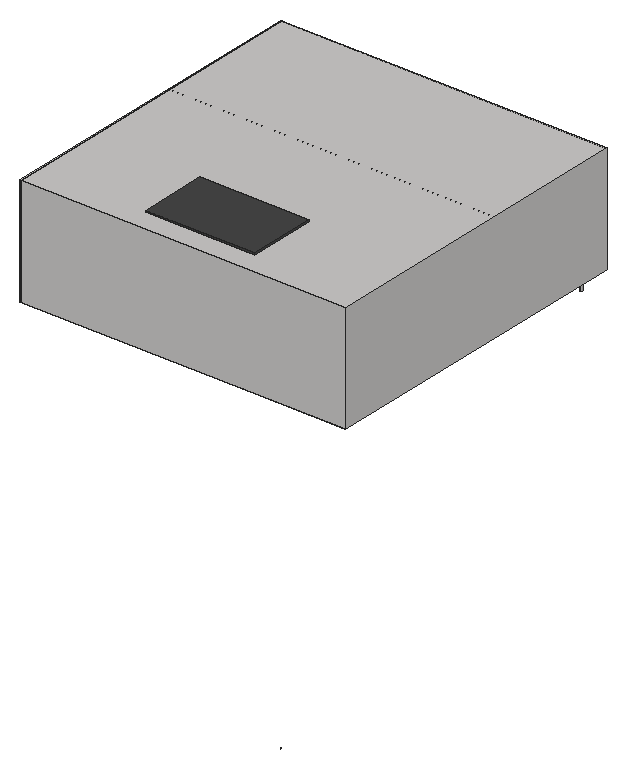
Revit family "QF_ELECTROLUXPROFESSIONAL_643320_DK1212", category Specialty Equipment, Revit 2014
Reference planes
  plane 1: z = 0
  plane 2 "Center (Left/Right)": x = 150
  plane 3 "LEFT": x = -450
  plane 4 "RIGHT": x = 750
  plane 5 "BACK": y = 550
  plane 6 "TOP": z = 2400
  plane 7 "Base": z = 2000
  plane 8: z = 1970
  plane 9 "DrainY": y = 450
  plane 10: x = -447
  plane 11: y = -320
  plane 12: y = -570
  plane 13 "DrainX": x = 737
  plane 14 "AOLeft2": x = 350
  plane 15: x = 747
  plane 16: x = -250
  plane 17: x = 550
  plane 18 "Center (Front/Back)": y = -50
  plane 19 "Front": y = -650
  plane 20 "AOLeft1": x = -50
Forms (mm)
  Extrusion 1, solid, material "QF_Finishes_Stainless Steel"
    sketch origin (-450, 0, 360) x (0, 1, 0) y (0, 0, 1)
      loop
        line (550, 1640) -> (550, 2040) -> (-650, 2040) -> (-650, 1640) -> (550, 1640)
    from 0 to 3
  Extrusion 2, solid, material "QF_Finishes_Stainless Steel"
    sketch origin (750, 0, 360) x (0, 1, 0) y (0, 0, 1)
      loop
        line (550, 1640) -> (550, 2040) -> (-650, 2040) -> (-650, 1640) -> (550, 1640)
    from 0 to -3
  Extrusion 3, solid, material "QF_Finishes_Stainless Steel"
    sketch origin (150, 0, 360) x (0, 1, 0) y (0, 0, 1)
      loop
        line (-650, 2040) -> (-650, 1640) -> (-640, 1640) -> (-640, 1640.8) -> (-649.2, 1640.8) -> (-649.2, 2039.19) -> (549.2, 2039.19) -> (549.2, 1640.8) -> (540, 1640.8) -> (540, 1640) -> (550, 1640) -> (550, 2040) -> (-650, 2040)
    from -600 to 600
  Extrusion 4, solid, material "QF_Finishes_Stainless Steel"
    sketch origin (0, 0, 2000) x (0, 1, 0) y (-1, 0, 0)
      loop
        circle (450, -737) r 4.763
    from -30 to 0
  Extrusion 5, solid, material "QF_Finishes_Black"
    sketch origin (0, 0, 2400) x (0, 1, 0) y (-1, 0, 0)
      loop
        line (-320, -350) -> (-320, 50) -> (-570, 50) -> (-570, -350) -> (-320, -350)
    from 5 to 0
  Extrusion 6, solid, material "QF_Finishes_Stainless Steel"
    sketch origin (0, 0, 0) x (1, 0, 0) y (0, 1, 0)
      loop
        line (-450, 550) -> (-450, 549) -> (-449, 549) -> (-449, 550) -> (-450, 550)
    from 0 to 1
  Sweep 7, solid, material "QF_Finishes_Stainless Steel"
    path origin (0, 0, 0) x (1, 0, 0) y (0, 1, 0)
      loop
        line (750, 550) -> (-450, 550) -> (-450, -650) -> (750, -650) -> (750, 550)
    profile origin (750, -50, 0) x (1, 0, 0) y (0, 0, 1)
      loop
        line (-3, 2000) -> (-3, 2000.8) -> (-19, 2000.8) -> (-19, 2010) -> (-20, 2010) -> (-20, 2000) -> (-3, 2000)
  Extrusion 8, solid, material "QF_Finishes_Stainless Steel"
    sketch origin (150, 0, 0) x (0, 1, 0) y (0, 0, 1)
      loop
        line (35, 2399.19) -> (34.2, 2399.19) -> (34.2, 2329.838) -> (-320.309, 2254.485) -> (-614.003, 2066.672) -> (-614.003, 2000.8) -> (-613.203, 2000.8) -> (-613.203, 2066.234) -> (-320, 2253.732) -> (35, 2329.19) -> (35, 2399.19)
    from -597 to 597
Cuts and joins
  joined: Extrusion 2, Extrusion 3, Sweep 7
Lines and regions (mm)
  symbolic lines, style "SpecialityEquipment", detail levels coarse
    curve 1: line (750, 550, 2400) -> (-450, 550, 2400)
    curve 2: line (-450, 550, 2400) -> (-450, -650, 2400)
    curve 3: line (750, -650, 2400) -> (750, 550, 2400)
    curve 4: line (-450, 550, 0) -> (750, -650, 0)
    curve 5: line (750, 550, 0) -> (-450, -650, 0)
    curve 6: line (-450, -650, 0) -> (750, -650, 0)
  symbolic lines, detail levels coarse
    curve 7: line (-50, -570, 0) -> (350, -570, 0)
    curve 8: line (-50, -320, 0) -> (-50, -570, 0)
    curve 9: line (350, -320, 0) -> (-50, -320, 0)
    curve 10: line (350, -570, 0) -> (350, -320, 0)
Dimensions and locks
  plane 3 "LEFT" to plane 4 "RIGHT" = 1200 mm
  equal spacing: plane 3 "LEFT", plane 2 "Center (Left/Right)", plane 4 "RIGHT"
  plane 7 "Base" to plane 8 = 30 mm
  plane 5 "BACK" to plane 9 "DrainY" = 100 mm  (x2)
  plane 3 "LEFT" to plane 10 = 3 mm
  plane 13 "DrainX" to plane 4 "RIGHT" = 13 mm
  plane 15 to plane 4 "RIGHT" = 3 mm
  plane 3 "LEFT" to plane 16 = 200 mm
  plane 17 to plane 4 "RIGHT" = 200 mm
  locked: plane 7 "Base" to level at 2000
  locked: plane 6 "TOP" to plane 7 "Base" at 400
  plane 5 "BACK" to plane 19 "Front" = 1200 mm  (x2)
  equal spacing: plane 5 "BACK", plane 18 "Center (Front/Back)", plane 19 "Front"
  plane 12 to plane 19 "Front" = 80 mm
  locked: plane 11 to plane 12 at 250
  locked: plane 20 "AOLeft1" to plane 14 "AOLeft2" at 400
  equal spacing: plane 20 "AOLeft1", plane 2 "Center (Left/Right)", plane 14 "AOLeft2"
  aligned and locked: level to plane 1
  aligned and locked: plane 4 "RIGHT" to Extrusion 3
  aligned and locked: Extrusion 3 to plane 3 "LEFT"
  aligned and locked: Extrusion 5 to plane 12
  aligned and locked: Extrusion 5 to plane 11
  aligned and locked: Extrusion 2 to plane 15
  aligned and locked: Extrusion 8 to plane 10
  aligned and locked: plane 15 to Extrusion 8
  aligned and locked: Extrusion 5 to plane 20 "AOLeft1"
  aligned and locked: Extrusion 5 to plane 14 "AOLeft2"
Automatic sketch dimensions
  Extrusion 1 sketch curve to plane 7 "Base" = 0 mm
  Extrusion 1 sketch curve to plane 19 "Front" = 0 mm
  Extrusion 1 sketch curve to plane 5 "BACK" = 0 mm
  Extrusion 1 sketch curve to plane 6 "TOP" = 0 mm
  Extrusion 2 sketch curve to plane 7 "Base" = 0 mm
  Extrusion 2 sketch curve to plane 19 "Front" = 0 mm
  Extrusion 2 sketch curve to plane 5 "BACK" = 0 mm
  Extrusion 2 sketch curve to plane 6 "TOP" = 0 mm
  Extrusion 3 sketch curve to plane 6 "TOP" = 0 mm
  Extrusion 3 sketch curve to plane 19 "Front" = 0 mm
  Extrusion 3 sketch curve to plane 7 "Base" = 0 mm  (x2)
  Extrusion 3 sketch curve to plane 5 "BACK" = 0 mm
  plane 19 "Front" to Extrusion 3 sketch curve = 0.8 mm
  Extrusion 3 sketch curve to Extrusion 3 sketch curve = 9.2 mm
  plane 7 "Base" to Extrusion 3 sketch curve = 0.8 mm  (x2)
  Extrusion 3 sketch curve to plane 5 "BACK" = 10 mm
  Extrusion 3 sketch curve to plane 5 "BACK" = 0.8 mm
  Extrusion 3 sketch curve to plane 6 "TOP" = 0.81 mm
  Extrusion 4 sketch curve to plane 9 "DrainY" = 0 mm
  Extrusion 4 sketch curve to plane 13 "DrainX" = 0 mm
  Extrusion 5 sketch curve to plane 12 = 0 mm
  plane 11 to Extrusion 5 sketch curve = 0 mm
  Extrusion 5 sketch curve to plane 14 "AOLeft2" = 0 mm
  Extrusion 5 sketch curve to plane 20 "AOLeft1" = 0 mm
  Extrusion 6 sketch curve to plane 3 "LEFT" = 0 mm
  Extrusion 6 sketch curve to plane 5 "BACK" = 0 mm
  plane 3 "LEFT" to Extrusion 6 sketch curve = 1 mm
  Extrusion 6 sketch curve to Extrusion 6 sketch curve = 1 mm
  Sweep 7 sketch curve to plane 3 "LEFT" = 0 mm
  Sweep 7 sketch curve to plane 4 "RIGHT" = 0 mm
  Sweep 7 sketch curve to plane 19 "Front" = 0 mm
  Sweep 7 sketch curve to plane 5 "BACK" = 0 mm
  profile plane to Sweep 7 sketch curve = 20 mm
  Sweep 7 sketch curve to Sweep 7 sketch curve = 1 mm
  profile plane to Sweep 7 sketch curve = 3 mm
  level to Sweep 7 sketch curve = 2000 mm
  Sweep 7 sketch curve to Sweep 7 sketch curve = 0.8 mm
  Sweep 7 sketch curve to Sweep 7 sketch curve = 9.2 mm
  curve 5 to plane 3 "LEFT" = 0 mm
  curve 4 to plane 3 "LEFT" = 0 mm
  curve 6 to plane 19 "Front" = 0 mm
  curve 5 to plane 4 "RIGHT" = 0 mm
  curve 6 to plane 4 "RIGHT" = 0 mm
  curve 5 to plane 5 "BACK" = 0 mm
  curve 4 to plane 5 "BACK" = 0 mm
  curve 2 to plane 3 "LEFT" = 0 mm
  curve 2 to plane 19 "Front" = 0 mm
  curve 3 to plane 4 "RIGHT" = 0 mm
  curve 3 to plane 19 "Front" = 0 mm
  curve 2 to plane 5 "BACK" = 0 mm
  Extrusion 8 sketch curve to plane 11 = 0 mm
  plane 11 to Extrusion 8 sketch curve = 0.309 mm
  plane 7 "Base" to Extrusion 8 sketch curve = 0.8 mm
  plane 19 "Front" to Extrusion 8 sketch curve = 36.797 mm
  Extrusion 8 sketch curve to Extrusion 8 sketch curve = 0.8 mm  (x2)
  plane 18 "Center (Front/Back)" to Extrusion 8 sketch curve = 84.2 mm
  Extrusion 8 sketch curve to Extrusion 8 sketch curve = 65.434 mm
  Extrusion 8 sketch curve to plane 6 "TOP" = 146.268 mm
  Extrusion 8 sketch curve to Extrusion 8 sketch curve = 0.752 mm
  Extrusion 8 sketch curve to plane 6 "TOP" = 70.81 mm
  Extrusion 8 sketch curve to Extrusion 8 sketch curve = 0.648 mm
  Extrusion 8 sketch curve to Extrusion 8 sketch curve = 0.438 mm
  Extrusion 8 sketch curve to plane 6 "TOP" = 0.81 mm
  curve 7 to plane 12 = 0 mm
  curve 7 to plane 20 "AOLeft1" = 0 mm
  plane 11 to curve 8 = 0 mm
  curve 9 to plane 14 "AOLeft2" = 0 mm
  radius of Extrusion 4 sketch curve = 4.763 mm
Connectors
  piping at (737, 450, 1970), diameter 9.5
    settings: on Extrusion 4, index 1, connector inside diameter 609.6 mm, connector length 0 mm, flow factor 0, pipe flow 0.0 L/s, pressure drop 0.0 Pa, fitting loss kfactor 0, connector angle 0.00°, fixture units 0, engagement length 0 mm, angle of deflection 0.00°, flow configuration 1, flow direction 2, fitting loss method 0, system type 16, joint type 0, gender type 0, connector reference index -1, connector utility 0, adjustable connector no, is connector primary yes, connector description "Drain"
  hvac at (150, -445, 2405)
    settings: on Extrusion 5, index 2, duct flow 0.0 L/s, flow factor 0, pres drop 0.0 Pa, loss coef 0, conn angle 0.00°, conn width 250 mm, conn height 400 mm, conn diameter 609.6 mm, duct sys type 3, conn prof type 1, flow config 1, flow direction 2, loss method 0, conn ref index -1, conn util no, is conn primary yes, conn desc "EXHAUST OUTLET"
